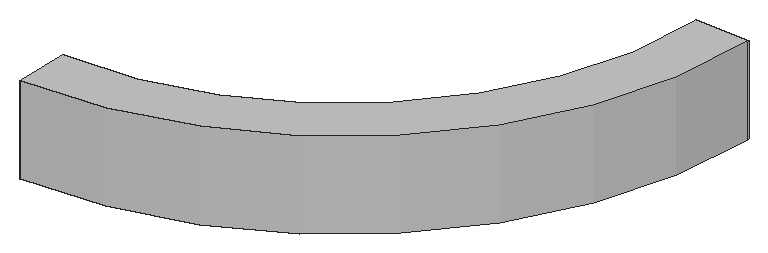
Revit family "S4R_OBO BETTERMANN_CableTray_Bend_Vertical_Inside_RGBV FT", category Cable Tray Fittings, Revit 2012
Parameters
  Wholesaler art.no. = ""
  Wholesaler = ""
  Watermarked By = "www.stabiplan.com"
  WIDTH2 [instance] = WIDTH1  # 100 mm
  WIDTH1 [instance] = 100 mm
  VERSION = "91900"  # constant formula
  URL = "www.stabiplan.com"
  built-in parameter 1140111 [instance] = 2.6 mm
  TYPE [instance] = "RGBV FT"  # constant formula
  StabiCAD_PM = ""
  Safe_Half_Height2 [instance] = if(not([built-in parameter 1140115] > Half_Height2), [built-in parameter 1140115] - 0.2 mm, Half_Height2)  # 30 mm
  Safe_Half_Height1 [instance] = if(not([built-in parameter 1140115] > Half_Height1), [built-in parameter 1140115] - 0.2 mm, Half_Height1)  # 30 mm
  Manufacturer = "OBO BETTERMANN"  # constant formula
  Lmin [instance] = if(LENGTH1 > LENGTH2, LENGTH2, LENGTH1) - 1 mm  # 429 mm
  PRODUCTLINE [instance] = "OBO BETTERMANN CableTrays"  # constant formula
  LENGTH2 [instance] = if(and(WIDTH1 = 100 mm, HEIGHT1 = 60 mm, ANGLE2 = 90.00°), 430 mm, if(and(WIDTH1 = 150 mm, HEIGHT1 = 60 mm, ANGLE2 = 90.00°), 430 mm, if(and(WIDTH1 = 200 mm, HEIGHT1 = 60 mm, ANGLE2 = 90.00°), 430 mm, if(and(WIDTH1 = 300 mm, HEIGHT1 = 60 mm, ANGLE2 = 90.00°), 430 mm, if(and(WIDTH1 = 400 mm, HEIGHT1 = 60 mm, ANGLE2 = 90.00°), 430 mm, if(and(WIDTH1 = 450 mm, HEIGHT1 = 60 mm, ANGLE2 = 90.00°), 430 mm, if(and(WIDTH1 = 500 mm, HEIGHT1 = 60 mm, ANGLE2 = 90.00°), 430 mm, if(and(WIDTH1 = 600 mm, HEIGHT1 = 60 mm, ANGLE2 = 90.00°), 430 mm, if(and(WIDTH1 = 750 mm, HEIGHT1 = 60 mm, ANGLE2 = 90.00°), 430 mm, if(and(WIDTH1 = 900 mm, HEIGHT1 = 60 mm, ANGLE2 = 90.00°), 430 mm, if(and(WIDTH1 = 100 mm, HEIGHT1 = 85 mm, ANGLE2 = 90.00°), 442.5 mm, if(and(WIDTH1 = 150 mm, HEIGHT1 = 85 mm, ANGLE2 = 90.00°), 442.5 mm, if(and(WIDTH1 = 200 mm, HEIGHT1 = 85 mm, ANGLE2 = 90.00°), 442.5 mm, if(and(WIDTH1 = 300 mm, HEIGHT1 = 85 mm, ANGLE2 = 90.00°), 442.5 mm, if(and(WIDTH1 = 400 mm, HEIGHT1 = 85 mm, ANGLE2 = 90.00°), 442.5 mm, if(and(WIDTH1 = 500 mm, HEIGHT1 = 85 mm, ANGLE2 = 90.00°), 442.5 mm, if(and(WIDTH1 = 600 mm, HEIGHT1 = 85 mm, ANGLE2 = 90.00°), 442.5 mm, if(and(WIDTH1 = 100 mm, HEIGHT1 = 110 mm, ANGLE2 = 90.00°), 455 mm, if(and(WIDTH1 = 150 mm, HEIGHT1 = 110 mm, ANGLE2 = 90.00°), 455 mm, if(and(WIDTH1 = 200 mm, HEIGHT1 = 110 mm, ANGLE2 = 90.00°), 455 mm, if(and(WIDTH1 = 300 mm, HEIGHT1 = 110 mm, ANGLE2 = 90.00°), 455 mm, if(and(WIDTH1 = 400 mm, HEIGHT1 = 110 mm, ANGLE2 = 90.00°), 455 mm, if(and(WIDTH1 = 500 mm, HEIGHT1 = 110 mm, ANGLE2 = 90.00°), 455 mm, if(and(WIDTH1 = 600 mm, HEIGHT1 = 110 mm, ANGLE2 = 90.00°), 455 mm, if(and(WIDTH1 = 550 mm, HEIGHT1 = 110 mm, ANGLE2 = 90.00°), 455 mm, WIDTH1)))))))))))))))))))))))))  # 430 mm
  LENGTH1 [instance] = if(and(WIDTH1 = 100 mm, HEIGHT1 = 60 mm, ANGLE2 = 90.00°), 430 mm, if(and(WIDTH1 = 150 mm, HEIGHT1 = 60 mm, ANGLE2 = 90.00°), 430 mm, if(and(WIDTH1 = 200 mm, HEIGHT1 = 60 mm, ANGLE2 = 90.00°), 430 mm, if(and(WIDTH1 = 300 mm, HEIGHT1 = 60 mm, ANGLE2 = 90.00°), 430 mm, if(and(WIDTH1 = 400 mm, HEIGHT1 = 60 mm, ANGLE2 = 90.00°), 430 mm, if(and(WIDTH1 = 450 mm, HEIGHT1 = 60 mm, ANGLE2 = 90.00°), 430 mm, if(and(WIDTH1 = 500 mm, HEIGHT1 = 60 mm, ANGLE2 = 90.00°), 430 mm, if(and(WIDTH1 = 600 mm, HEIGHT1 = 60 mm, ANGLE2 = 90.00°), 430 mm, if(and(WIDTH1 = 750 mm, HEIGHT1 = 60 mm, ANGLE2 = 90.00°), 430 mm, if(and(WIDTH1 = 900 mm, HEIGHT1 = 60 mm, ANGLE2 = 90.00°), 430 mm, if(and(WIDTH1 = 100 mm, HEIGHT1 = 85 mm, ANGLE2 = 90.00°), 442.5 mm, if(and(WIDTH1 = 150 mm, HEIGHT1 = 85 mm, ANGLE2 = 90.00°), 442.5 mm, if(and(WIDTH1 = 200 mm, HEIGHT1 = 85 mm, ANGLE2 = 90.00°), 442.5 mm, if(and(WIDTH1 = 300 mm, HEIGHT1 = 85 mm, ANGLE2 = 90.00°), 442.5 mm, if(and(WIDTH1 = 400 mm, HEIGHT1 = 85 mm, ANGLE2 = 90.00°), 442.5 mm, if(and(WIDTH1 = 500 mm, HEIGHT1 = 85 mm, ANGLE2 = 90.00°), 442.5 mm, if(and(WIDTH1 = 600 mm, HEIGHT1 = 85 mm, ANGLE2 = 90.00°), 442.5 mm, if(and(WIDTH1 = 100 mm, HEIGHT1 = 110 mm, ANGLE2 = 90.00°), 455 mm, if(and(WIDTH1 = 150 mm, HEIGHT1 = 110 mm, ANGLE2 = 90.00°), 455 mm, if(and(WIDTH1 = 200 mm, HEIGHT1 = 110 mm, ANGLE2 = 90.00°), 455 mm, if(and(WIDTH1 = 300 mm, HEIGHT1 = 110 mm, ANGLE2 = 90.00°), 455 mm, if(and(WIDTH1 = 400 mm, HEIGHT1 = 110 mm, ANGLE2 = 90.00°), 455 mm, if(and(WIDTH1 = 500 mm, HEIGHT1 = 110 mm, ANGLE2 = 90.00°), 455 mm, if(and(WIDTH1 = 600 mm, HEIGHT1 = 110 mm, ANGLE2 = 90.00°), 455 mm, if(and(WIDTH1 = 550 mm, HEIGHT1 = 110 mm, ANGLE2 = 90.00°), 455 mm, WIDTH1)))))))))))))))))))))))))  # 430 mm
  L2_Tail [instance] = 1 mm  # constant formula
  L1_Tail [instance] = 1 mm  # constant formula
  Internal art.no. = ""
  ISCUSTOM [instance] = if(and(WIDTH1 = 100 mm, HEIGHT1 = 60 mm, ANGLE2 = 90.00°), 1 = 0, if(and(WIDTH1 = 150 mm, HEIGHT1 = 60 mm, ANGLE2 = 90.00°), 1 = 0, if(and(WIDTH1 = 200 mm, HEIGHT1 = 60 mm, ANGLE2 = 90.00°), 1 = 0, if(and(WIDTH1 = 300 mm, HEIGHT1 = 60 mm, ANGLE2 = 90.00°), 1 = 0, if(and(WIDTH1 = 400 mm, HEIGHT1 = 60 mm, ANGLE2 = 90.00°), 1 = 0, if(and(WIDTH1 = 450 mm, HEIGHT1 = 60 mm, ANGLE2 = 90.00°), 1 = 0, if(and(WIDTH1 = 500 mm, HEIGHT1 = 60 mm, ANGLE2 = 90.00°), 1 = 0, if(and(WIDTH1 = 600 mm, HEIGHT1 = 60 mm, ANGLE2 = 90.00°), 1 = 0, if(and(WIDTH1 = 750 mm, HEIGHT1 = 60 mm, ANGLE2 = 90.00°), 1 = 0, if(and(WIDTH1 = 900 mm, HEIGHT1 = 60 mm, ANGLE2 = 90.00°), 1 = 0, if(and(WIDTH1 = 100 mm, HEIGHT1 = 85 mm, ANGLE2 = 90.00°), 1 = 0, if(and(WIDTH1 = 150 mm, HEIGHT1 = 85 mm, ANGLE2 = 90.00°), 1 = 0, if(and(WIDTH1 = 200 mm, HEIGHT1 = 85 mm, ANGLE2 = 90.00°), 1 = 0, if(and(WIDTH1 = 300 mm, HEIGHT1 = 85 mm, ANGLE2 = 90.00°), 1 = 0, if(and(WIDTH1 = 400 mm, HEIGHT1 = 85 mm, ANGLE2 = 90.00°), 1 = 0, if(and(WIDTH1 = 500 mm, HEIGHT1 = 85 mm, ANGLE2 = 90.00°), 1 = 0, if(and(WIDTH1 = 600 mm, HEIGHT1 = 85 mm, ANGLE2 = 90.00°), 1 = 0, if(and(WIDTH1 = 100 mm, HEIGHT1 = 110 mm, ANGLE2 = 90.00°), 1 = 0, if(and(WIDTH1 = 150 mm, HEIGHT1 = 110 mm, ANGLE2 = 90.00°), 1 = 0, if(and(WIDTH1 = 200 mm, HEIGHT1 = 110 mm, ANGLE2 = 90.00°), 1 = 0, if(and(WIDTH1 = 300 mm, HEIGHT1 = 110 mm, ANGLE2 = 90.00°), 1 = 0, if(and(WIDTH1 = 400 mm, HEIGHT1 = 110 mm, ANGLE2 = 90.00°), 1 = 0, if(and(WIDTH1 = 500 mm, HEIGHT1 = 110 mm, ANGLE2 = 90.00°), 1 = 0, if(and(WIDTH1 = 600 mm, HEIGHT1 = 110 mm, ANGLE2 = 90.00°), 1 = 0, if(and(WIDTH1 = 550 mm, HEIGHT1 = 110 mm, ANGLE2 = 90.00°), 1 = 0, 1 = 1)))))))))))))))))))))))))  # no
  IFCExportType = ""
  IFCExportAs = ""
  Half_Height1 [instance] = HEIGHT1 / 2  # 30 mm
  Half_Height2 [instance] = HEIGHT2 / 2  # 30 mm
  HEIGHT2 [instance] = HEIGHT1  # 60 mm
  HEIGHT1 [instance] = 60 mm
  GTINNUMBER [instance] = if(and(WIDTH1 = 100 mm, HEIGHT1 = 60 mm, ANGLE2 = 90.00°), "4012196229390", if(and(WIDTH1 = 150 mm, HEIGHT1 = 60 mm, ANGLE2 = 90.00°), "4012196984985", if(and(WIDTH1 = 200 mm, HEIGHT1 = 60 mm, ANGLE2 = 90.00°), "4012196229451", if(and(WIDTH1 = 300 mm, HEIGHT1 = 60 mm, ANGLE2 = 90.00°), "4012196229512", if(and(WIDTH1 = 400 mm, HEIGHT1 = 60 mm, ANGLE2 = 90.00°), "4012196229574", if(and(WIDTH1 = 450 mm, HEIGHT1 = 60 mm, ANGLE2 = 90.00°), "4012196343638", if(and(WIDTH1 = 500 mm, HEIGHT1 = 60 mm, ANGLE2 = 90.00°), "4012196229635", if(and(WIDTH1 = 600 mm, HEIGHT1 = 60 mm, ANGLE2 = 90.00°), "4012196229697", if(and(WIDTH1 = 100 mm, HEIGHT1 = 85 mm, ANGLE2 = 90.00°), "4012196229758", if(and(WIDTH1 = 150 mm, HEIGHT1 = 85 mm, ANGLE2 = 90.00°), "4012195995937", if(and(WIDTH1 = 200 mm, HEIGHT1 = 85 mm, ANGLE2 = 90.00°), "4012196229819", if(and(WIDTH1 = 300 mm, HEIGHT1 = 85 mm, ANGLE2 = 90.00°), "4012196229871", if(and(WIDTH1 = 400 mm, HEIGHT1 = 85 mm, ANGLE2 = 90.00°), "4012196229932", if(and(WIDTH1 = 500 mm, HEIGHT1 = 85 mm, ANGLE2 = 90.00°), "4012196229994", if(and(WIDTH1 = 600 mm, HEIGHT1 = 85 mm, ANGLE2 = 90.00°), "4012196230051", if(and(WIDTH1 = 100 mm, HEIGHT1 = 110 mm, ANGLE2 = 90.00°), "4012196230112", if(and(WIDTH1 = 150 mm, HEIGHT1 = 110 mm, ANGLE2 = 90.00°), "4012195995876", if(and(WIDTH1 = 200 mm, HEIGHT1 = 110 mm, ANGLE2 = 90.00°), "4012196230174", if(and(WIDTH1 = 300 mm, HEIGHT1 = 110 mm, ANGLE2 = 90.00°), "4012196230235", if(and(WIDTH1 = 400 mm, HEIGHT1 = 110 mm, ANGLE2 = 90.00°), "4012196230297", if(and(WIDTH1 = 500 mm, HEIGHT1 = 110 mm, ANGLE2 = 90.00°), "4012196230358", if(and(WIDTH1 = 600 mm, HEIGHT1 = 110 mm, ANGLE2 = 90.00°), "4012195995883", if(and(WIDTH1 = 550 mm, HEIGHT1 = 110 mm, ANGLE2 = 90.00°), "4012196230419", if(and(WIDTH1 = 750 mm, HEIGHT1 = 60 mm, ANGLE2 = 90.00°), "Unknown", if(and(WIDTH1 = 900 mm, HEIGHT1 = 60 mm, ANGLE2 = 90.00°), "Unknown", "Unknown")))))))))))))))))))))))))  # "4012196229390"
  ETIM article class = ""
  Description = "Vertical CableTray Bend Inside"
  DEEPLINK = "http://catalog1.obo-bettermann.com/catalogue/catalogue.do?forward=showProductGroup&act=showIO&favOid=kts_6178&action=showManyProducts&lang=de&OID=kts_6178&catId="
  Copyright = "© Stabiplan BV / Stabiplan International BV"  # constant formula
  CT2 [instance] = 1
  CT1 [instance] = 1
  BodyColor = Steel
  built-in parameter 1140115 [instance] = Lmin / tan(ANGLE2 / 2)  # 429 mm
  ARTICLENUMBER [instance] = if(and(WIDTH1 = 100 mm, HEIGHT1 = 60 mm, ANGLE2 = 90.00°), "7079109", if(and(WIDTH1 = 150 mm, HEIGHT1 = 60 mm, ANGLE2 = 90.00°), "7079141", if(and(WIDTH1 = 200 mm, HEIGHT1 = 60 mm, ANGLE2 = 90.00°), "7079206", if(and(WIDTH1 = 300 mm, HEIGHT1 = 60 mm, ANGLE2 = 90.00°), "7079303", if(and(WIDTH1 = 400 mm, HEIGHT1 = 60 mm, ANGLE2 = 90.00°), "7079400", if(and(WIDTH1 = 450 mm, HEIGHT1 = 60 mm, ANGLE2 = 90.00°), "7079451", if(and(WIDTH1 = 500 mm, HEIGHT1 = 60 mm, ANGLE2 = 90.00°), "7079508", if(and(WIDTH1 = 600 mm, HEIGHT1 = 60 mm, ANGLE2 = 90.00°), "7079605", if(and(WIDTH1 = 750 mm, HEIGHT1 = 60 mm, ANGLE2 = 90.00°), "7079607", if(and(WIDTH1 = 900 mm, HEIGHT1 = 60 mm, ANGLE2 = 90.00°), "7079609", if(and(WIDTH1 = 100 mm, HEIGHT1 = 85 mm, ANGLE2 = 90.00°), "7080107", if(and(WIDTH1 = 150 mm, HEIGHT1 = 85 mm, ANGLE2 = 90.00°), "7080115", if(and(WIDTH1 = 200 mm, HEIGHT1 = 85 mm, ANGLE2 = 90.00°), "7080204", if(and(WIDTH1 = 300 mm, HEIGHT1 = 85 mm, ANGLE2 = 90.00°), "7080301", if(and(WIDTH1 = 400 mm, HEIGHT1 = 85 mm, ANGLE2 = 90.00°), "7080409", if(and(WIDTH1 = 500 mm, HEIGHT1 = 85 mm, ANGLE2 = 90.00°), "7080506", if(and(WIDTH1 = 600 mm, HEIGHT1 = 85 mm, ANGLE2 = 90.00°), "7080603", if(and(WIDTH1 = 100 mm, HEIGHT1 = 110 mm, ANGLE2 = 90.00°), "7081103", if(and(WIDTH1 = 150 mm, HEIGHT1 = 110 mm, ANGLE2 = 90.00°), "7081108", if(and(WIDTH1 = 200 mm, HEIGHT1 = 110 mm, ANGLE2 = 90.00°), "7081200", if(and(WIDTH1 = 300 mm, HEIGHT1 = 110 mm, ANGLE2 = 90.00°), "7081308", if(and(WIDTH1 = 400 mm, HEIGHT1 = 110 mm, ANGLE2 = 90.00°), "7081405", if(and(WIDTH1 = 500 mm, HEIGHT1 = 110 mm, ANGLE2 = 90.00°), "7081502", if(and(WIDTH1 = 600 mm, HEIGHT1 = 110 mm, ANGLE2 = 90.00°), "7081555", if(and(WIDTH1 = 550 mm, HEIGHT1 = 110 mm, ANGLE2 = 90.00°), "7081553", "Unknown")))))))))))))))))))))))))  # "7079109"
  ARTICLEDESCRIPTION [instance] = "Vertical CableTray Bend Intside"
  ANGLE2 [instance] = 90.00°  # constant formula
Reference planes
  plane 1 "Center (Front/Back)": y = 0
  plane 2: z = 0
  plane 3 "Center (Left/Right)": x = 0
  plane 4: y = 429
  plane 5: x = -429
Forms (mm)
  Sweep 1, solid, material "Steel" <- "BodyColor", detail levels medium
    path in 3D
      loop
        line (-429, 0, 0) -> (-430, 0, 0)
    profile origin (-429.5, 0, 0) x (0, -1, 0) y (0, 0, 1)
      loop
        line (-30, 50) -> (-30, -50) -> (30, -50) -> (30, 50) -> (-30, 50)
  Sweep 2, solid, material "Steel" <- "BodyColor", detail levels medium
    path in 3D
      loop
        line (0, 429, 0) -> (0, 430, 0)
    profile origin (0, 429.5, 0) x (-1, 0, 0) y (0, 0, 1)
      loop
        line (30, -50) -> (30, 50) -> (-30, 50) -> (-30, -50) -> (30, -50)
  SweptBlend 3, solid, material "Steel" <- "BodyColor", detail levels medium
    path in 3D
      loop
        arc (-429, 0, 0) -> (-125.651, 125.651, 0) -> (0, 429, 0) r 429
    profile origin (-429, 0, 0) x (0, 1, 0) y (0, 0, 1)
      loop
        line (30, 50) -> (-30, 50) -> (-30, -50) -> (30, -50) -> (30, 50)
    end profile origin (0, 429, 0) x (-1, 0, 0) y (0, 0, 1)
      loop
        line (30, 50) -> (-30, 50) -> (-30, -50) -> (30, -50) -> (30, 50)
  Sweep 4, solid, material "Steel" <- "BodyColor", detail levels fine
    path in 3D
      loop
        line (-429, 0, 0) -> (-430, 0, 0)
    profile origin (-429.5, 0, 0) x (0, -1, 0) y (0, 0, 1)
      loop
        line (30, 50) -> (-30, 50) -> (-30, 47.4) -> (27.4, 47.4) -> (27.4, -47.4) -> (-30, -47.4) -> (-30, -50) -> (30, -50) -> (30, 50)
  Sweep 5, solid, material "Steel" <- "BodyColor", detail levels fine
    path in 3D
      loop
        line (0, 429, 0) -> (0, 430, 0)
    profile origin (0, 429.5, 0) x (-1, 0, 0) y (0, 0, 1)
      loop
        line (-30, 50) -> (-30, -50) -> (30, -50) -> (30, -47.4) -> (-27.4, -47.4) -> (-27.4, 47.4) -> (30, 47.4) -> (30, 50) -> (-30, 50)
  SweptBlend 6, solid, material "Steel" <- "BodyColor", detail levels fine
    path in 3D
      loop
        arc (-429, 0, 0) -> (-125.651, 125.651, 0) -> (0, 429, 0) r 429
    profile origin (-429, 0, 0) x (0, 1, 0) y (0, 0, 1)
      loop
        line (-30, 50) -> (-30, -50) -> (30, -50) -> (30, -47.4) -> (-27.4, -47.4) -> (-27.4, 47.4) -> (30, 47.4) -> (30, 50) -> (-30, 50)
    end profile origin (0, 429, 0) x (-1, 0, 0) y (0, 0, 1)
      loop
        line (-30, 50) -> (-30, -50) -> (30, -50) -> (30, -47.4) -> (-27.4, -47.4) -> (-27.4, 47.4) -> (30, 47.4) -> (30, 50) -> (-30, 50)
Cuts and joins
  joined: Sweep 4, Sweep 5, SweptBlend 6
  joined: Sweep 1, Sweep 2, SweptBlend 3
Lines and regions (mm)
  reference lines
    curve 1: line (-429, 429, 0) -> (-429, 0, 0)
    curve 2: line (-429, 0, 0) -> (0, 0, 0)
    curve 3: line (0, 0, 0) -> (0, 429, 0)
    curve 4: line (0, 429, 0) -> (-429, 429, 0)
    curve 5: arc (-429, 0, 0) -> (-125.651, 125.651, 0) -> (0, 429, 0) r 429
    curve 6: line (-429, 0, 0) -> (-430, 0, 0)
    curve 7: line (0, 429, 0) -> (0, 430, 0)
  model lines, detail levels coarse+fine
    curve 8: line (-429, 0, 0) -> (-430, 0, 0)
    curve 10: line (0, 429, 0) -> (0, 430, 0)
  model lines, style "Coarse", detail levels coarse
    curve 9: arc (-429, 0, 0) -> (-125.651, 125.651, 0) -> (0, 429, 0) r 429
  sketch lines
    curve 11: line (-429, 0, 0) -> (-430, 0, 0)
    curve 12: line (0, 429, 0) -> (0, 430, 0)
    curve 13: arc (-429, 0, 0) -> (-125.651, 125.651, 0) -> (0, 429, 0) r 429
    curve 14: line (-429, 0, 0) -> (-430, 0, 0)
    curve 15: line (0, 429, 0) -> (0, 430, 0)
    curve 16: arc (-429, 0, 0) -> (-125.651, 125.651, 0) -> (0, 429, 0) r 429
Dimensions and locks
  "Lmin": plane 5 to plane 3 "Center (Left/Right)"
  "built-in parameter 1140115": plane 4 to plane 1 "Center (Front/Back)"
  "built-in parameter 1140115": curve 4 to curve 4
  "built-in parameter 1140115": plane 1 "Center (Front/Back)" to curve 1
  "L1_Tail": curve 6 to curve 6
  "L2_Tail": curve 7 to curve 7
  "L1_Tail": curve 8 to curve 8
  "L2_Tail": curve 10 to curve 10
  equal spacing: Sweep 1 sketch curve, profile plane, Sweep 1 sketch curve  (x2)
  "HEIGHT1": Sweep 1 sketch curve to Sweep 1 sketch curve
  "WIDTH1": Sweep 1 sketch curve to Sweep 1 sketch curve
  equal spacing: Sweep 2 sketch curve, profile plane, Sweep 2 sketch curve  (x2)
  "HEIGHT2": Sweep 2 sketch curve to Sweep 2 sketch curve
  "WIDTH2": Sweep 2 sketch curve to Sweep 2 sketch curve
  equal spacing: SweptBlend 3 sketch curve, profile plane, SweptBlend 3 sketch curve  (x2)
  "WIDTH1": SweptBlend 3 sketch curve to SweptBlend 3 sketch curve
  "WIDTH2": SweptBlend 3 sketch curve to SweptBlend 3 sketch curve
  equal spacing: Sweep 4 sketch curve, profile plane, Sweep 4 sketch curve  (x3)
  "WIDTH1": Sweep 4 sketch curve to Sweep 4 sketch curve
  "built-in parameter 1140111": Sweep 4 sketch curve to Sweep 4 sketch curve  (x3)
  equal spacing: Sweep 5 sketch curve, profile plane, Sweep 5 sketch curve  (x3)
  "WIDTH2": Sweep 5 sketch curve to Sweep 5 sketch curve
  "built-in parameter 1140111": Sweep 5 sketch curve to Sweep 5 sketch curve  (x3)
  "built-in parameter 1140111": SweptBlend 6 sketch curve to SweptBlend 6 sketch curve  (x6)
  equal spacing: SweptBlend 6 sketch curve, profile plane, SweptBlend 6 sketch curve  (x2)
  "WIDTH1": SweptBlend 6 sketch curve to SweptBlend 6 sketch curve
  "WIDTH2": SweptBlend 6 sketch curve to SweptBlend 6 sketch curve
  "HEIGHT2": Sweep 5 sketch curve to Sweep 5 sketch curve
  "HEIGHT1": Sweep 4 sketch curve to Sweep 4 sketch curve
  "Half_Height1": SweptBlend 3 sketch curve to profile plane
  "Safe_Half_Height1": profile plane to SweptBlend 3 sketch curve
  "Half_Height2": profile plane to SweptBlend 3 sketch curve
  "Safe_Half_Height2": SweptBlend 3 sketch curve to profile plane
  "Safe_Half_Height1": profile plane to SweptBlend 6 sketch curve  (x2)
  "Half_Height1": SweptBlend 6 sketch curve to profile plane
  "Safe_Half_Height2": SweptBlend 6 sketch curve to profile plane  (x2)
  "Half_Height2": profile plane to SweptBlend 6 sketch curve
  "built-in parameter 1140115": radius of curve 5
  "ANGLE2": angle plane 5 to curve 4
  locked: curve 7 to curve 4 (angle 90.00°)
  "ANGLE2": angle curve 9 to curve 9
  locked: curve 10 to curve 4 (angle 90.00°)
  aligned and locked: level to plane 2
  aligned and locked: plane 1 "Center (Front/Back)" to curve 2  (x2)
  aligned and locked: plane 3 "Center (Left/Right)" to curve 2
  aligned and locked: curve 1 to plane 5
  aligned and locked: curve 9 to curve 5
Connectors
  cabletrayconduit at (-430, 0, 0), driven by "WIDTH1", driven by "HEIGHT1", driven by "ANGLE2"
    settings: on Sweep 1, index 1, connector width 60 mm, connector height 100 mm, connector radius 300 mm, connector angle 90.00°, system type 32, placement type 0, profile type 1, connector reference index 2, is primary connector yes, connector utility param no, connector description ""
  cabletrayconduit at (0, 430, 0), driven by "ANGLE2", driven by "WIDTH2", driven by "HEIGHT2"
    settings: on Sweep 2, index 2, connector width 60 mm, connector height 100 mm, connector radius 300 mm, connector angle 90.00°, system type 32, placement type 0, profile type 1, connector reference index 1, is primary connector no, connector utility param no, connector description ""
